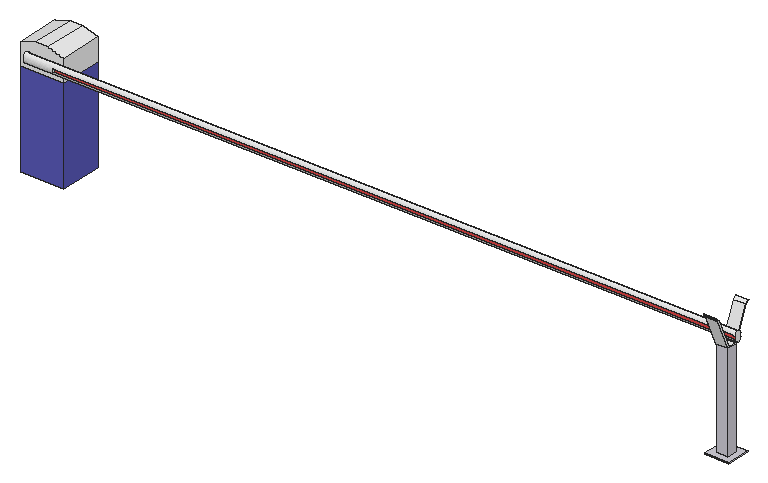
Revit family "LBA6", category Equipement spécialisé, Revit 2017
Family settings
  Cote de connecteur circulaire = Utiliser le diamètre
  Type d'élément = Normal
  Basée sur le plan de construction = Non
  Toujours verticalement = Oui
  Couper avec des vides une fois chargée = Non
  Partagée = Non
  Point de calcul de pièce = Non
Parameters (values of type "LBA6_lise_ovale 6000mm")
  position_grille1_GA = longueur_lisse_attaché au borne + 50 mm  # 177.5 mm
  origine_GA = 150 mm
  matériau_repos_barrière = POSTE SUPPORT
  matériau_lisse = BLANC_MAT
  matériau_chapeau = BLANC_MAT
  matériau_borne = Stratifié, bleu marine
  longueur_lisse = 6000 mm
  longueur_chapeau = largeur_chapeau  # 365 mm
  longueur_borne = largeur_borne  # 360 mm
  longueur_GA = entreaxe_massifs - (epaisseur_repose_barrière_V / 2)  # 5750 mm
  largeur_chapeau = 365 mm
  largeur_borne = 360 mm
  longueur_lisse_attaché au borne = 127.5 mm
  hauteur_lisse = 84 mm
  h_GA = h_chapeau - décalage sous lisse_GA - hauteur_lisse  # 728 mm
  h_repose_barrière = h_chapeau - hauteur_lisse  # 832 mm
  h_chapeau = 916 mm
  h_axe_chapeau = 112 mm
  epaisseur_repose_barrière_V = 100 mm
  epaisseur_lisse = 57 mm
  entreaxe_massifs = 5800 mm
  décalage sous lisse_GA = hauteur_lisse + 20 mm  # 104 mm
  distance_entre_grilles_GA = 355 mm
  distance lisse du borne = 225 mm
  diamètre_grillage_GA = 15 mm
  diamètre_bareau_GA = 25 mm
  Visibilité_Support = yes
  Visibilité_Grillage_GA = no
  URL = "https://barriere-automatique.com/fr/"
  Nombre_barreaux_GA = 13
  Modèle = "LBA 6"
  Fabricant = "La Barrière Automatique"
  Angle_lisse [instance] = 0.00°
Types (4, lengths in mm): name | position_grille1_GA | longueur_lisse | longueur_GA | longueur_lisse_attaché au borne | hauteur_lisse | h_GA | h_repose_barrière | epaisseur_lisse | entreaxe_massifs | décalage sous lisse_GA | distance_entre_grilles_GA | Visibilité_Support | Visibilité_Grillage_GA | Nombre_barreaux_GA | Modèle
  (no name) | 177.5 | 6000 | 5750 | 127.5 | 84 | 728 | 832 | 57 | 5800 | 104 | 355 | yes | no | 13 | "LBA 6"
  LBA6_lise_ovale 4000mm | 200 | 4000 | 3700 | 150 | 84 | 728 | 832 | 57 | 3750 | 104 | 390 | no | no | 8 | "LBA 6"
  LBA6_lisse_ovale_GA | 200 | 4000 | 3700 | 150 | 60 | 776 | 856 | 50 | 3750 | 80 | 355 | yes | yes | 9 | "LBA 6 GA"
  LBA6_lise_ovale 6000mm | 177.5 | 6000 | 5750 | 127.5 | 84 | 728 | 832 | 57 | 5800 | 104 | 355 | yes | no | 13 | "LBA 6"
Reference planes
  plane 1 "Centre (avant/arrière)": y = 0
  plane 2: z = 0
  plane 3 "Centre (gauche/droite)": x = 0
  plane 4 "AVANT": y = -225
  plane 5 "chapeau_borne": z = 916
  plane 6: z = 1028
Lines and regions (mm)
  reference lines
    curve 1: line (0, -225, 916) -> (740, -225, 916)
  symbolic lines
    curve 2: line (-182.5, 182.5, 916) -> (182.5, 182.5, 916)
    curve 3: line (-182.5, -182.5, 916) -> (-182.5, 182.5, 916)
    curve 4: line (182.5, -182.5, 916) -> (-182.5, -182.5, 916)
    curve 5: line (182.5, 182.5, 916) -> (182.5, -182.5, 916)
    curve 6: line (5700, -125, 916) -> (5700, -325, 916)
    curve 7: line (5700, -325, 916) -> (5750, -325, 916)
    curve 8: line (5750, -325, 916) -> (5750, -396.696, 916)
    curve 9: line (5750, -396.696, 916) -> (5850, -396.696, 916)
    curve 10: line (5850, -396.696, 916) -> (5850, -325, 916)
    curve 11: line (5850, -325, 916) -> (5900, -325, 916)
    curve 12: line (5900, -325, 916) -> (5900, -125, 916)
    curve 13: line (5900, -125, 916) -> (5850, -125, 916)
    curve 14: line (5850, -125, 916) -> (5850, -53.304, 916)
    curve 15: line (5850, -53.304, 916) -> (5750, -53.304, 916)
    curve 16: line (5750, -53.304, 916) -> (5750, -125, 916)
    curve 17: line (5750, -125, 916) -> (5700, -125, 916)
Dimensions and locks
  "distance lisse du borne": plane 1 "Centre (avant/arrière)" to plane 4 "AVANT"
  "h_chapeau": plane 5 "chapeau_borne" to plane 2
  plane 6 to plane 2 = 1028 mm
  "entreaxe_massifs": plane 3 "Centre (gauche/droite)" to nested 4
  nested 4 to nested 1 = 5570 mm
  "Angle_lisse": angle plane 5 "chapeau_borne" to curve 1
  aligned and locked: level to plane 2
  aligned and locked: nested 2 to plane 5 "chapeau_borne"
  aligned and locked: nested 2 to nested 1
  aligned and locked: plane 6 to nested 2
  aligned and locked: plane 5 "chapeau_borne" to curve 1
  aligned and locked: plane 3 "Centre (gauche/droite)" to curve 1
  aligned and locked: plane 3 "Centre (gauche/droite)" to nested 2
  aligned and locked: plane 1 "Centre (avant/arrière)" to nested 2
  aligned and locked: plane 1 "Centre (avant/arrière)" to nested 1
  aligned and locked: plane 3 "Centre (gauche/droite)" to nested 1
  aligned and locked: plane 4 "AVANT" to nested 4
  aligned and locked: nested 5 to plane 4 "AVANT"
  aligned and locked: curve 2 to nested 2
  aligned and locked: curve 3 to nested 2
  aligned and locked: curve 4 to nested 2
  aligned and locked: curve 5 to nested 2
  aligned and locked: curve 12 to nested 4
  aligned and locked: nested 4 to curve 17
  aligned and locked: curve 6 to nested 4
  aligned and locked: curve 7 to nested 4
  aligned and locked: curve 8 to nested 4
  aligned and locked: curve 9 to nested 4
  aligned and locked: curve 10 to nested 4
  aligned and locked: curve 11 to nested 4
  aligned and locked: nested 4 to curve 14
  aligned and locked: curve 15 to nested 4
  aligned and locked: curve 16 to nested 4
Automatic sketch dimensions
  curve 14 to curve 14 = 71.696 mm
Nested families
  nested 1: "borne_LBA" at (0, 0, 0), type "Bone base"
    with hauteur 804 mm, longueur 360 mm, largeur 360 mm
  nested 2: "chapeau_borne_LBA" at (0, 0, 916), type "Bone base"
    with longueur 365 mm, largeur 365 mm
  nested 3: "lisse_ovale_LBA" at (0, -225, 916), type "lisse"
    with longueur 6000 mm, hauteur_totale 84 mm, hauteur 42 mm, espacement_vide 22.8 mm, epaisseur_lisse 57 mm, decalage vide 28 mm, L_moins_variables 5900 mm
  nested 4: "répose_barrière_LBA" at (5800, -225, 0), visible <- "Visibilité_Support", type "support_base"
    with h_support 832 mm
  nested 5: "lisse_ovale_GA_LBA" at (0, -225, 916), visible <- "Visibilité_Grillage_GA", type "rideau pour lisse"
    with longueur_moins_x 5575 mm, h_rideau 728 mm, groupes 13, décalage_souslisse 104 mm, d_entre_barreau 355 mm, d_barreau 1 177.5 mm, longueur 5750 mm
Definition of nested family "borne_LBA"
  Parameters (values of type "Bone base")
    longueur = 300 mm
    largeur = 300 mm
    hauteur [instance] = 1028 mm
    Matériaux borne = none
  Reference planes
    plane 1 "Centre (avant/arrière)": y = 0
    plane 2: z = 0
    plane 3 "Centre (gauche/droite)": x = 0
    plane 4: y = 150
    plane 5: x = 150
    plane 6: y = -150
    plane 7: x = -150
    plane 8: z = 1028
  Forms (mm)
    Extrusion 1, solid, material <- "Matériaux borne"
      sketch origin (0, 0, 0) x (1, 0, 0) y (0, 1, 0)
        loop
          line (-150, 150) -> (-150, -150) -> (150, -150) -> (150, 150) -> (-150, 150)
      from 0 to 1028
  Dimensions and locks
    equal spacing: plane 4, plane 1 "Centre (avant/arrière)", plane 6
    "longueur": plane 4 to plane 6
    equal spacing: plane 7, plane 3 "Centre (gauche/droite)", plane 5
    "largeur": plane 7 to plane 5
    "hauteur": plane 8 to plane 2
    aligned and locked: level to plane 2
    aligned and locked: Extrusion 1 sketch curve to plane 4
    aligned and locked: plane 7 to Extrusion 1 sketch curve
    aligned and locked: plane 6 to Extrusion 1 sketch curve
    aligned and locked: Extrusion 1 sketch curve to plane 5
    aligned and locked: plane 8 to Extrusion 1
Definition of nested family "chapeau_borne_LBA"
  Parameters (values of type "Bone base")
    longueur = 350 mm
    largeur = 350 mm
    hauteur = 112 mm
    Matériaux borne = none
  Reference planes
    plane 1 "Centre (avant/arrière)": y = 0
    plane 2: z = 0
    plane 3 "Centre (gauche/droite)": x = 0
    plane 4: y = 175
    plane 5: x = 175
    plane 6: y = -175
    plane 7: x = -175
    plane 8: z = 112
    plane 9 "base chapeau": z = -112
    plane 10: z = 70.916
  Forms (mm)
    Sweep 1, solid, material <- "Matériaux borne"
      path origin (0, 0, -112) x (-1, 0, 0) y (0, -1, 0)
        loop
          line (0, -175) -> (0, 175)
      profile origin (0, 0, -112) x (1, 0, 0) y (0, 0, 1)
        loop
          line (-175, 0) -> (175, 0) -> (175, 182.916) -> (50, 224) -> (-50, 224) -> (-175, 182.916) -> (-175, 0)
  Lines and regions (mm)
    symbolic lines
      curve 1: line (-255, 0, 0) -> (285, 0, 0)
  Dimensions and locks
    equal spacing: plane 4, plane 1 "Centre (avant/arrière)", plane 6
    "longueur": plane 4 to plane 6
    equal spacing: plane 7, plane 3 "Centre (gauche/droite)", plane 5
    "largeur": plane 7 to plane 5
    "hauteur": plane 8 to plane 2
    "hauteur": plane 2 to plane 9 "base chapeau"
    equal spacing: Sweep 1 sketch curve, plane 3 "Centre (gauche/droite)", Sweep 1 sketch curve
    aligned and locked: level to plane 2
    aligned and locked: plane 6 to Sweep 1 sketch curve
    aligned and locked: plane 4 to Sweep 1 sketch curve
    aligned and locked: Sweep 1 sketch curve to plane 9 "base chapeau"
    aligned and locked: plane 5 to Sweep 1 sketch curve
    aligned and locked: plane 7 to Sweep 1 sketch curve
    aligned and locked: plane 10 to Sweep 1 sketch curve  (x2)
    aligned and locked: Sweep 1 sketch curve to plane 8
    aligned and locked: curve 1 to plane 2
  Automatic sketch dimensions
    Sweep 1 sketch curve to plane 3 "Centre (gauche/droite)" = 0 mm
    profile plane to Sweep 1 sketch curve = 50 mm
    curve 1 to plane 7 = 80 mm
    plane 5 to curve 1 = 110 mm
Definition of nested family "lisse_ovale_LBA"
  Parameters (values of type "lisse")
    longueur_variable1 = 100 mm
    matériau bandeau = none
    longueur_variable2 = Variable_totale - longueur_variable1  # 150 mm
    longueur = 4000 mm
    hauteur_totale = 120 mm
    hauteur = hauteur_totale / 2  # 60 mm
    espacement_vide = epaisseur_lisse / 2.5  # 20 mm
    epaisseur_lisse = 50 mm
    decalage vide = hauteur / 1.5  # 40 mm
    Variable_totale = 250 mm
    Matériaux lisse = none
    L_moins_variables = longueur - longueur_variable1  # 3900 mm
    Default Elevation = 1219.2 mm
  Reference planes
    plane 1 "Centre (avant/arrière)": y = 0
    plane 2: z = 0
    plane 3 "Centre (gauche/droite)": x = 0
    plane 4: y = 25
    plane 5: x = 3900
    plane 6: y = -25
    plane 7: x = -100
    plane 8: z = 60
    plane 9 "base chapeau": z = -60
    plane 10: x = 150
  Forms (mm)
    Sweep 1, solid, material <- "Matériaux lisse"
      path origin (0, 0, 0) x (1, 0, 0) y (0, 1, 0)
        loop
          line (-100, 0) -> (3900, 0)
      profile origin (1900, 0, 0) x (0, 1, 0) y (0, 0, 1)
        loop
          spline (0, -60) -> (6.47, -57.956) -> (12.5, -51.962) -> (17.678, -42.426) -> (21.651, -30) -> (24.148, -15.529) -> (25, 0) -> (24.148, 15.529) -> (21.651, 30) -> (17.678, 42.426) -> (12.5, 51.962) -> (6.47, 57.956) -> (0, 60)
          spline (0, 60) -> (-6.47, 57.956) -> (-12.5, 51.962) -> (-17.678, 42.426) -> (-21.651, 30) -> (-24.148, 15.529) -> (-25, 0) -> (-24.148, -15.529) -> (-21.651, -30) -> (-17.678, -42.426) -> (-12.5, -51.962) -> (-6.47, -57.956) -> (0, -60)
    Extrusion 2, void
      sketch origin (0, 0, 0) x (0, 1, 0) y (0, 0, 1)
        loop
          line (-25, 20) -> (-25, -20) -> (-20, -20) -> (-20, 20) -> (-25, 20)
        loop
          line (20, 20) -> (20, -20) -> (25, -20) -> (25, 20) -> (20, 20)
      from 150 to 3900
  Cuts and joins
    Extrusion 2 cuts Sweep 1
  Lines and regions (mm)
    symbolic lines
      curve 1: line (-100, 25, 0) -> (3900, 25, 0)
      curve 2: line (-100, -25, 0) -> (-100, 25, 0)
      curve 3: line (3900, -25, 0) -> (-100, -25, 0)
      curve 4: line (3900, 25, 0) -> (3900, -25, 0)
  Dimensions and locks
    equal spacing: plane 4, plane 1 "Centre (avant/arrière)", plane 6
    "epaisseur_lisse": plane 4 to plane 6
    "hauteur": plane 8 to plane 2
    "hauteur": plane 2 to plane 9 "base chapeau"
    "longueur_variable1": plane 7 to plane 3 "Centre (gauche/droite)"
    "L_moins_variables": plane 3 "Centre (gauche/droite)" to plane 5
    equal spacing: Extrusion 2 sketch curve, plane 2, Extrusion 2 sketch curve
    "decalage vide": plane 8 to Extrusion 2 sketch curve
    plane 9 "base chapeau" to Extrusion 2 sketch curve = 40 mm
    "espacement_vide": Extrusion 2 sketch curve to plane 1 "Centre (avant/arrière)"
    "espacement_vide": plane 1 "Centre (avant/arrière)" to Extrusion 2 sketch curve
    "longueur_variable2": plane 3 "Centre (gauche/droite)" to plane 10
    plane 7 to plane 5 = 4000 mm
    aligned and locked: level to plane 2
    aligned and locked: plane 5 to Sweep 1 sketch curve
    aligned and locked: plane 1 "Centre (avant/arrière)" to Sweep 1 sketch curve
    aligned and locked: plane 7 to Sweep 1 sketch curve
    aligned and locked: plane 4 to Sweep 1 sketch curve
    aligned and locked: plane 8 to Sweep 1 sketch curve
    aligned and locked: Extrusion 2 sketch curve to plane 6
    aligned and locked: plane 4 to Extrusion 2 sketch curve
    aligned and locked: plane 5 to Extrusion 2
    aligned and locked: Extrusion 2 sketch curve to Extrusion 2 sketch curve  (x2)
    aligned and locked: Extrusion 2 to plane 10
    aligned and locked: curve 3 to plane 6
    aligned and locked: curve 4 to plane 5
    aligned and locked: plane 7 to curve 2
    aligned and locked: curve 1 to plane 4
  Automatic sketch dimensions
    Sweep 1 sketch curve to profile plane = 0 mm
    Sweep 1 sketch curve to level = 0 mm
Definition of nested family "répose_barrière_LBA"
  Parameters (values of type "support_base")
    matériau_repose_barrier = none
    matériau_plaque au pied = none
    longueur = 200 mm
    largeur = 200 mm
    h_support = 856 mm
    epaisseur_support_V = 100 mm
    epaisseur_barrière = 75 mm
    epaisseur = 6 mm
  Reference planes
    plane 1 "Centre (avant/arrière)": y = 0
    plane 2: z = 0
    plane 3 "Centre (gauche/droite)": x = 0
    plane 4: y = 100
    plane 5: x = 100
    plane 6: x = -100
    plane 7: y = -100
    plane 8: y = 40
    plane 9: y = -40
    plane 10: x = 50
    plane 11: x = -50
    plane 12: z = 6
    plane 13 "h": z = 856
  Forms (mm)
    Extrusion 1, solid, material <- "matériau_plaque au pied"
      sketch origin (0, 0, 0) x (1, 0, 0) y (0, 1, 0)
        loop
          line (-100, 100) -> (-100, -100) -> (100, -100) -> (100, 100) -> (-100, 100)
      from 0 to 6
    Extrusion 2, solid, material <- "matériau_plaque au pied"
      sketch origin (0, 0, 0) x (1, 0, 0) y (0, 1, 0)
        loop
          line (-50, 40) -> (-50, -40) -> (50, -40) -> (50, 40) -> (-50, 40)
      from 0 to 856
  Cuts and joins
    joined: Extrusion 1, Extrusion 2
  Lines and regions (mm)
    symbolic lines
      curve 1: line (-100, 100, 0) -> (-50, 100, 0)
      curve 2: line (-100, -100, 0) -> (-100, 100, 0)
      curve 3: line (100, -100, 0) -> (50, -100, 0)
      curve 4: line (100, 100, 0) -> (100, -100, 0)
      curve 5: line (-50, 171.696, 0) -> (50, 171.696, 0)
      curve 6: line (-50, -171.696, 0) -> (-50, -100, 0)
      curve 7: line (50, -171.696, 0) -> (-50, -171.696, 0)
      curve 8: line (50, 171.696, 0) -> (50, 100, 0)
      curve 9: line (50, -100, 0) -> (50, -171.696, 0)
      curve 10: line (-50, 100, 0) -> (-50, 171.696, 0)
      curve 11: line (-50, -100, 0) -> (-100, -100, 0)
      curve 12: line (50, 100, 0) -> (100, 100, 0)
      curve 13: line (-50, 0, 856) -> (50, 0, 856)
      curve 14: line (-50, 0, 6) -> (-50, 0, 856)
      curve 15: line (50, 0, 856) -> (50, 0, 6)
      curve 19: line (-100, 0, 6) -> (-50, 0, 6)
      curve 20: line (50, 0, 6) -> (100, 0, 6)
      curve 21: line (0, -100, 6) -> (0, -40, 6)
      curve 22: line (0, -100, 0) -> (0, -100, 6)
      curve 23: line (0, 100, 0) -> (0, -100, 0)
      curve 24: line (0, 100, 6) -> (0, 100, 0)
      curve 25: line (0, -40, 856) -> (0, 40, 856)
      curve 26: line (0, -40, 6) -> (0, -40, 856)
      curve 27: line (0, 40, 856) -> (0, 40, 6)
      curve 28: line (0, 40, 6) -> (0, 100, 6)
      curve 29: line (0, 40, 856) -> (0, 144.418, 1099.561)
      curve 30: line (0, 144.418, 1099.561) -> (0, 169.985, 1125.127)
      curve 31: line (0, -40, 856) -> (0, -144.418, 1099.561)
      curve 32: line (0, -144.418, 1099.561) -> (0, -169.985, 1125.127)
    model lines
      curve 16: line (-100, 0, 6) -> (-100, 0, 0)
    model lines, not visible
      curve 17: line (100, 0, 6) -> (100, 0, 0)
      curve 18: line (-100, 0, 0) -> (100, 0, 0)
  Dimensions and locks
    equal spacing: plane 6, plane 3 "Centre (gauche/droite)", plane 5
    "largeur": plane 6 to plane 5
    equal spacing: plane 4, plane 1 "Centre (avant/arrière)", plane 7
    "longueur": plane 4 to plane 7
    equal spacing: plane 11, plane 3 "Centre (gauche/droite)", plane 10
    equal spacing: plane 8, plane 1 "Centre (avant/arrière)", plane 9
    "epaisseur": plane 12 to plane 2
    "h_support": plane 13 "h" to plane 2
    plane 1 "Centre (avant/arrière)" to Extrusion 2 = 40 mm
    "epaisseur_support_V": plane 11 to plane 10
    plane 8 to plane 9 = 80 mm
    aligned and locked: level to plane 2
    aligned and locked: plane 6 to Extrusion 1
    aligned and locked: Extrusion 1 sketch curve to plane 5
    aligned and locked: plane 6 to Extrusion 1 sketch curve
    aligned and locked: plane 7 to Extrusion 1 sketch curve
    aligned and locked: Extrusion 1 sketch curve to plane 4
    aligned and locked: Extrusion 2 sketch curve to plane 8
    aligned and locked: plane 11 to Extrusion 2 sketch curve
    aligned and locked: plane 9 to Extrusion 2 sketch curve
    aligned and locked: Extrusion 2 sketch curve to plane 10
    aligned and locked: plane 12 to Extrusion 1
    aligned and locked: plane 3 "Centre (gauche/droite)" to nested 1
    aligned and locked: plane 1 "Centre (avant/arrière)" to nested 1
    aligned and locked: plane 13 "h" to cut or joined group of Extrusion 1, Extrusion 2
    aligned and locked: curve 5 to nested 1
    aligned and locked: curve 1 to plane 4
    aligned and locked: curve 4 to plane 5
    aligned and locked: plane 6 to curve 2
    aligned and locked: curve 7 to nested 1
    aligned and locked: plane 7 to curve 3
    aligned and locked: curve 8 to plane 10
    aligned and locked: plane 7 to curve 9
    aligned and locked: curve 9 to plane 10
    aligned and locked: plane 4 to curve 10
    aligned and locked: plane 11 to curve 6
    aligned and locked: plane 11 to curve 11
    aligned and locked: plane 11 to curve 1
    aligned and locked: plane 10 to curve 12
    aligned and locked: curve 15 to plane 10
    aligned and locked: plane 11 to curve 14
    aligned and locked: curve 18 to plane 2
    aligned and locked: plane 12 to curve 17
    aligned and locked: plane 12 to curve 16
    aligned and locked: curve 13 to plane 13 "h"
    aligned and locked: curve 24 to plane 4
    aligned and locked: plane 7 to curve 22
    aligned and locked: plane 2 to curve 23
    aligned and locked: curve 21 to plane 12
    aligned and locked: plane 9 to curve 26
    aligned and locked: curve 25 to plane 13 "h"
    aligned and locked: curve 27 to plane 8
    aligned and locked: plane 12 to curve 27
    aligned and locked: plane 12 to curve 26
    aligned and locked: nested 1 to curve 30
    aligned and locked: plane 13 "h" to curve 29
    aligned and locked: nested 1 to curve 32
    aligned and locked: plane 9 to curve 31
  Automatic sketch dimensions
    curve 8 to plane 4 = 0 mm
    curve 11 to plane 7 = 0 mm
    curve 32 to plane 7 = 44.418 mm
    plane 4 to curve 29 = 44.418 mm
    plane 13 "h" to curve 29 = 243.561 mm
    curve 32 to curve 31 = 25.566 mm
    curve 29 to curve 30 = 25.566 mm
    curve 31 to curve 32 = 25.566 mm
    curve 16 to plane 6 = 0 mm
    curve 18 to plane 5 = 0 mm
  Nested families
    nested 1: "répose_barrière_forme_V_LBA" at (0, 0, 856), type "support_base"
      with longueur 75 mm
  Definition of nested family "répose_barrière_forme_V_LBA"
    Parameters (values of type "support_base")
      matériau_répose_barrière = none
      longueur = 150 mm
      largeur = 100 mm
      h_support = 916 mm
      epaisseur = 6 mm
      Default Elevation = 1219.2 mm
    Reference planes
      plane 1 "Centre (avant/arrière)": y = 0
      plane 2: z = 0
      plane 3 "Centre (gauche/droite)": x = 0
      plane 4: y = 75
      plane 5: x = 50
      plane 6: x = -50
      plane 7: y = -75
      plane 8: x = 33.265
      plane 9: x = -33.265
    Forms (mm)
      Sweep 1, solid, material <- "matériau_répose_barrière"
        path origin (0, 0, 0) x (1, 0, 0) y (0, 1, 0)
          loop
            line (-50, 0) -> (50, 0)
        profile origin (0, 0, 0) x (0, 1, 0) y (0, 0, 1)
          loop
            line (0, 0) -> (-75, 0) -> (-143.412, 246.202) -> (-168.161, 270.951) -> (-171.696, 267.415) -> (-147.877, 243.596) -> (-78.8, -5) -> (0, -5) -> (78.8, -5) -> (147.877, 243.596) -> (171.696, 267.415) -> (168.161, 270.951) -> (143.412, 246.202) -> (75, 0) -> (0, 0)
    Dimensions and locks
      equal spacing: plane 6, plane 3 "Centre (gauche/droite)", plane 5
      "largeur": plane 6 to plane 5
      equal spacing: plane 4, plane 1 "Centre (avant/arrière)", plane 7
      "longueur": plane 4 to plane 7
      equal spacing: plane 9, plane 3 "Centre (gauche/droite)", plane 8
      aligned and locked: level to plane 2
      aligned and locked: plane 5 to Sweep 1 sketch curve
      aligned and locked: plane 6 to Sweep 1 sketch curve
      aligned and locked: plane 7 to Sweep 1 sketch curve
      aligned and locked: plane 2 to Sweep 1 sketch curve  (x2)
      aligned and locked: plane 4 to Sweep 1 sketch curve
    Automatic sketch dimensions
      plane 1 "Centre (avant/arrière)" to Sweep 1 sketch curve = 0 mm
      Sweep 1 sketch curve to profile plane = 0 mm  (x2)
      Sweep 1 sketch curve to level = 5 mm
      Sweep 1 sketch curve to Sweep 1 sketch curve = 3.8 mm  (x2)
      profile plane to Sweep 1 sketch curve = 143.412 mm
      Sweep 1 sketch curve to Sweep 1 sketch curve = 4.465 mm
      Sweep 1 sketch curve to Sweep 1 sketch curve = 20.283 mm  (x2)
      Sweep 1 sketch curve to Sweep 1 sketch curve = 3.536 mm  (x3)
      Sweep 1 sketch curve to profile plane = 143.412 mm
      level to Sweep 1 sketch curve = 243.596 mm  (x2)
      Sweep 1 sketch curve to Sweep 1 sketch curve = 2.606 mm  (x2)
Definition of nested family "lisse_ovale_GA_LBA"
  Parameters (values of type "rideau pour lisse")
    matériau_barrière_rideau = none
    matériau_bandeau = none
    longueur_moins_x = longueur - Origine_grille_GA  # 5650 mm
    h_rideau = 783 mm
    groupes = 11
    décalage_souslisse = 130 mm
    diamètre_vertical = 15 mm
    diamètre_horizontal = 25 mm
    d_entre_barreau = d_barreau 1 * 2  # 390 mm
    d_barreau 1 = 195 mm
    longueur = 5825 mm
    Origine_grille_GA = 175 mm
    Default Elevation = 1219.2 mm
  Reference planes
    plane 1 "Centre (avant/arrière)": y = 0
    plane 2: z = 0
    plane 3 "Centre (gauche/droite)": x = 0
    plane 4 "s": z = -130
    plane 5: x = 175
    plane 6 "base rideau": z = -913
    plane 7: x = 5825
    plane 8: x = 5795
    plane 9: x = 390
    plane 10: x = 5795
    plane 11: x = 930.5
    plane 12: x = 1471
    plane 13: x = 2011.5
    plane 14: x = 2552
    plane 15: x = 3092.5
    plane 16: x = 3633
    plane 17: x = 4173.5
    plane 18: x = 4714
    plane 19: x = 5254.5
  Forms (mm)
    Sweep 1, solid, material <- "matériau_barrière_rideau"
      path origin (0, 0, -130) x (-1, 0, 0) y (0, -1, 0)
        loop
          line (-175, 0) -> (-5825, 0)
      profile origin (3000, 0, -130) x (0, 1, 0) y (0, 0, 1)
        loop
          circle (0, 0) r 12.5
    Sweep 2, solid, material <- "matériau_barrière_rideau"
      path origin (0, 0, -913) x (-1, 0, 0) y (0, -1, 0)
        loop
          line (-175, 0) -> (-5825, 0)
      profile origin (3000, 0, -913) x (0, 1, 0) y (0, 0, 1)
        loop
          circle (0, 0) r 12.5
  Lines and regions (mm)
    model lines, not visible
      curve 1: line (0, 120, -913) -> (0, -120, -913)
      curve 2: line (-80, 0, -913) -> (100, 0, -913)
  Dimensions and locks
    "décalage_souslisse": plane 2 to plane 4 "s"
    "Origine_grille_GA": plane 3 "Centre (gauche/droite)" to plane 5
    "longueur_moins_x": plane 5 to plane 7
    "h_rideau": plane 4 "s" to plane 6 "base rideau"
    equal spacing: group 1, group 3, group 4, group 5, group 6, group 7, group 8, group 9, group 10, group 11, group 2  (x3)
    plane 7 to plane 8 = 30 mm
    "diamètre_horizontal": diameter of Sweep 1 sketch curve
    "diamètre_horizontal": diameter of Sweep 2 sketch curve
    aligned and locked: level to plane 2
    aligned and locked: plane 5 to Sweep 1 sketch curve
    aligned and locked: plane 1 "Centre (avant/arrière)" to Sweep 1 sketch curve
    aligned and locked: plane 5 to Sweep 2 sketch curve
    aligned and locked: plane 7 to Sweep 1 sketch curve
    aligned and locked: plane 7 to Sweep 2 sketch curve
    aligned and locked: plane 4 "s" to nested 1  (x2)
    aligned and locked: nested 1 to plane 4 "s"  (x2)
    aligned and locked: nested 2 to plane 4 "s"  (x2)
    aligned and locked: nested 1 to plane 6 "base rideau"  (x2)
    aligned and locked: plane 1 "Centre (avant/arrière)" to curve 2
    aligned and locked: curve 1 to plane 3 "Centre (gauche/droite)"
    aligned and locked: nested 1 to plane 3 "Centre (gauche/droite)"
    aligned and locked: nested 2 to plane 8
    aligned and locked: plane 9 to nested 1
    aligned and locked: plane 10 to nested 2
    aligned and locked: plane 11 to nested 3
    aligned and locked: plane 12 to nested 4
    aligned and locked: plane 13 to nested 5
    aligned and locked: plane 14 to nested 6
    aligned and locked: plane 15 to nested 7
    aligned and locked: plane 16 to nested 8
    aligned and locked: plane 17 to nested 9
    aligned and locked: plane 18 to nested 10
    aligned and locked: plane 10 to plane 8
    aligned and locked: plane 19 to nested 11
  Automatic sketch dimensions
    plane 1 "Centre (avant/arrière)" to Sweep 2 sketch curve = 0 mm
    plane 3 "Centre (gauche/droite)" to curve 2 = 100 mm
    curve 2 to plane 3 "Centre (gauche/droite)" = 80 mm
    curve 1 to plane 1 "Centre (avant/arrière)" = 120 mm
    plane 1 "Centre (avant/arrière)" to curve 1 = 120 mm
    Sweep 1 sketch curve to plane 4 "s" = 0 mm
    Sweep 1 sketch curve to profile plane = 0 mm
    Sweep 2 sketch curve to plane 6 "base rideau" = 0 mm
    Sweep 2 sketch curve to profile plane = 0 mm
  Nested families
    nested 1: "rideau_base_groupeGA_LBA" at (0, 0, -130), type "rideau_base_groupeGA_LBA"
      with largeur 390 mm, h 783 mm, a 195 mm
    nested 2: "rideau_base_groupeGA_LBA" at (5405, 0, -130), type "rideau_base_groupeGA_LBA"
      with largeur 390 mm, h 783 mm, a 195 mm
    nested 3: "rideau_base_groupeGA_LBA" at (540.5, 0, -130), type "rideau_base_groupeGA_LBA"
      with largeur 390 mm, h 783 mm, a 195 mm
    nested 4: "rideau_base_groupeGA_LBA" at (1081, 0, -130), type "rideau_base_groupeGA_LBA"
      with largeur 390 mm, h 783 mm, a 195 mm
    nested 5: "rideau_base_groupeGA_LBA" at (1621.5, 0, -130), type "rideau_base_groupeGA_LBA"
      with largeur 390 mm, h 783 mm, a 195 mm
    nested 6: "rideau_base_groupeGA_LBA" at (2162, 0, -130), type "rideau_base_groupeGA_LBA"
      with largeur 390 mm, h 783 mm, a 195 mm
    nested 7: "rideau_base_groupeGA_LBA" at (2702.5, 0, -130), type "rideau_base_groupeGA_LBA"
      with largeur 390 mm, h 783 mm, a 195 mm
    nested 8: "rideau_base_groupeGA_LBA" at (3243, 0, -130), type "rideau_base_groupeGA_LBA"
      with largeur 390 mm, h 783 mm, a 195 mm
    nested 9: "rideau_base_groupeGA_LBA" at (3783.5, 0, -130), type "rideau_base_groupeGA_LBA"
      with largeur 390 mm, h 783 mm, a 195 mm
    nested 10: "rideau_base_groupeGA_LBA" at (4324, 0, -130), type "rideau_base_groupeGA_LBA"
      with largeur 390 mm, h 783 mm, a 195 mm
    nested 11: "rideau_base_groupeGA_LBA" at (4864.5, 0, -130), type "rideau_base_groupeGA_LBA"
      with largeur 390 mm, h 783 mm, a 195 mm
  Definition of nested family "rideau_base_groupeGA_LBA"
    Parameters (values of type "rideau_base_groupeGA_LBA")
      matériau_reflet = none
      matériau_base = none
      largeur = 350 mm
      h = 900 mm
      d_rid = 15 mm
      a = 100 mm
    Reference planes
      plane 1 "Centre (avant/arrière)": y = 0
      plane 2: z = 0
      plane 3 "Centre (gauche/droite)": x = 0
      plane 4: x = 350
      plane 5: z = -900
      plane 6: x = 100
    Forms (mm)
      Extrusion 1, solid, material <- "matériau_reflet"
        sketch origin (0, 0, 0) x (1, 0, 0) y (0, 1, 0)
          loop
            circle (100, 0) r 7.5
        from 0 to -900
      Extrusion 2, solid, material <- "matériau_base"
        sketch origin (0, 0, 0) x (1, 0, 0) y (0, 1, 0)
          loop
            circle (350, 0) r 7.5
        from 0 to -900
    Lines and regions (mm)
      model lines, not visible
        curve 1: line (0, 0, 40) -> (0, 0, -40)
        curve 2: line (-40, 0, 0) -> (40, 0, 0)
    Dimensions and locks
      "largeur": plane 3 "Centre (gauche/droite)" to plane 4
      "h": plane 2 to plane 5
      "a": plane 3 "Centre (gauche/droite)" to plane 6
      "d_rid": diameter of Extrusion 1 sketch curve
      "d_rid": diameter of Extrusion 2 sketch curve
      aligned and locked: level to plane 2
      aligned and locked: Extrusion 1 to plane 5
      aligned and locked: Extrusion 2 to plane 5
      aligned and locked: curve 1 to plane 3 "Centre (gauche/droite)"
      aligned and locked: curve 2 to plane 2
    Automatic sketch dimensions
      curve 2 to plane 3 "Centre (gauche/droite)" = 40 mm
      plane 3 "Centre (gauche/droite)" to curve 2 = 40 mm
      curve 1 to level = 40 mm
      level to curve 1 = 40 mm
      plane 1 "Centre (avant/arrière)" to Extrusion 1 sketch curve = 0 mm
      Extrusion 1 sketch curve to plane 6 = 0 mm
      plane 1 "Centre (avant/arrière)" to Extrusion 2 sketch curve = 0 mm
      Extrusion 2 sketch curve to plane 4 = 0 mm
